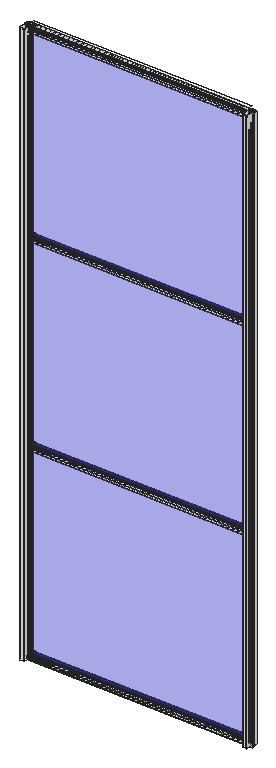
Revit family "Facade_60_Curtain_Wall_S13_Standard", category Windows, host Wall, Revit 2014 (continued)
Definition of nested family "F60 Horizontal Profile Middle_S13_Std"
  Forms (mm)
    Extrusion 4, solid, material <- "Profile Material"
      sketch origin (0, 0, 0) x (0, 1, 0) y (0, 0, 1)
        loop
          arc (-42.8, 35.551) -> (-43.034, 34.985) -> (-43.6, 34.751) r 0.8
          line (-43.6, 34.751) -> (-58.5, 34.751)
          arc (-58.5, 34.751) -> (-59.066, 34.516) -> (-59.3, 33.951) r 0.8
          line (-59.3, 33.951) -> (-59.3, 32.902) -> (-42.8, 32.902) -> (-42.8, 27.1) -> (-59.3, 27.1) -> (-59.3, 26.049)
          arc (-59.3, 26.049) -> (-59.066, 25.484) -> (-58.5, 25.249) r 0.8
      from 0 to 250 <- "Length"
    Extrusion 5, solid, material <- "Thermal Break Material", visible <- "Single Glazing"
      sketch origin (0, 0, 0) x (0, 1, 0) y (0, 0, 1)
        loop
          arc (-63.8, 25.751) -> (-63.654, 25.397) -> (-63.3, 25.251) r 0.5
          line (-63.3, 25.251) -> (-59.8, 25.251)
          arc (-59.8, 25.251) -> (-59.446, 25.397) -> (-59.3, 25.751) r 0.5
          line (-59.3, 25.751) -> (-59.3, 27.648) -> (-49.599, 27.648) -> (-47.528, 28.651)
          arc (-47.528, 28.651) -> (-46.803, 30.001) -> (-47.528, 31.351) r 1.62
          line (-47.528, 31.351) -> (-49.599, 32.353) -> (-59.3, 32.353) -> (-59.3, 34.251)
          arc (-59.3, 34.251) -> (-59.446, 34.604) -> (-59.8, 34.751) r 0.5
          line (-59.8, 34.751) -> (-63.3, 34.751)
          arc (-63.3, 34.751) -> (-63.654, 34.604) -> (-63.8, 34.251) r 0.5
          line (-63.8, 34.251) -> (-63.8, 32.328) -> (-62.4, 31.52) -> (-62.4, 28.483) -> (-63.8, 27.673) -> (-63.8, 25.751)
        loop
          line (-59.794, 28.506) -> (-59.006, 29.294)
          arc (-59.006, 29.294) -> (-58.788, 29.618) -> (-58.713, 30.001) r 0.986
          arc (-58.713, 30.001) -> (-58.79, 30.384) -> (-59.008, 30.71) r 1.007
          line (-59.008, 30.71) -> (-59.794, 31.496) -> (-60.65, 31.496)
          arc (-60.65, 31.496) -> (-61.004, 31.349) -> (-61.15, 30.996) r 0.5
          line (-61.15, 30.996) -> (-61.15, 29.006)
          arc (-61.15, 29.006) -> (-61.004, 28.652) -> (-60.65, 28.506) r 0.5
          line (-60.65, 28.506) -> (-59.794, 28.506)
        loop
          line (-47.854, 30.898) -> (-49.415, 31.653) -> (-56.782, 31.653)
          arc (-56.782, 31.653) -> (-57.207, 31.417) -> (-57.23, 30.932) r 0.5
          arc (-57.23, 30.932) -> (-57.013, 30.001) -> (-57.23, 29.07) r 2.099
          arc (-57.23, 29.07) -> (-57.207, 28.584) -> (-56.782, 28.348) r 0.5
          line (-56.782, 28.348) -> (-49.415, 28.348) -> (-48.055, 29.007)
          arc (-48.055, 29.007) -> (-47.35, 29.888) -> (-47.854, 30.898) r 1.047
      from 0 to 250 <- "Length"
    Extrusion 6, solid, material <- "Profile Material", visible <- "Single Glazing"
      sketch origin (0, 0, 0) x (0, 1, 0) y (0, 0, 1)
        loop
          line (-63.8, 52.694) -> (-64.8, 52.694) -> (-64.8, 51.544) -> (-66.05, 51.544) -> (-66.05, 57.044) -> (-64.8, 57.044) -> (-64.8, 55.894) -> (-63.8, 55.894) -> (-63.8, 58.294)
          arc (-63.8, 58.294) -> (-64.082, 58.803) -> (-64.664, 58.835) r 0.6
          line (-64.664, 58.835) -> (-66.562, 57.91) -> (-67.088, 58.988) -> (-68.05, 58.519) -> (-68.05, 48.513)
          arc (-68.05, 48.513) -> (-67.874, 48.089) -> (-67.45, 47.913) r 0.6
          line (-67.45, 47.913) -> (-66.6, 47.913) -> (-66.6, 12.09) -> (-67.45, 12.09)
          arc (-67.45, 12.09) -> (-67.874, 11.914) -> (-68.05, 11.49) r 0.6
          line (-68.05, 11.49) -> (-68.05, 1.485) -> (-67.088, 1.016) -> (-66.562, 2.095) -> (-64.663, 1.169)
          arc (-64.663, 1.169) -> (-64.082, 1.2) -> (-63.8, 1.709) r 0.6
          line (-63.8, 1.709) -> (-63.8, 4.109) -> (-64.8, 4.109) -> (-64.8, 2.959) -> (-66.05, 2.959) -> (-66.05, 8.459) -> (-64.8, 8.459) -> (-64.8, 7.309) -> (-63.8, 7.309) -> (-63.8, 27.674) -> (-62.4, 28.483) -> (-62.4, 31.521) -> (-63.8, 32.329) -> (-63.8, 52.694)
      from 0 to 250 <- "Length"
    Extrusion 7, solid, material <- "Profile Material", visible <- "Single Glazing"
      sketch origin (0, 0, 0) x (0, 1, 0) y (0, 0, 1)
        loop
          line (-68.551, 3.3) -> (-76.559, 3.3) -> (-76.559, 30) -> (-76.559, 56.15)
          arc (-76.559, 56.15) -> (-75.739, 58.13) -> (-73.759, 58.95) r 2.8
          line (-73.759, 58.95) -> (-69.151, 58.95) -> (-69.151, 57.2)
          arc (-69.151, 57.2) -> (-68.987, 56.829) -> (-68.601, 56.703) r 0.5
          arc (-68.601, 56.703) -> (-68.216, 56.829) -> (-68.051, 57.2) r 0.5
          line (-68.051, 57.2) -> (-68.051, 58.517) -> (-67.089, 58.986) -> (-66.563, 57.907) -> (-63.866, 59.222)
          arc (-63.866, 59.222) -> (-64.001, 59.762) -> (-64.504, 60) r 0.65
          line (-64.504, 60) -> (-73.859, 60)
          arc (-73.859, 60) -> (-76.687, 58.828) -> (-77.859, 56) r 4
          line (-77.859, 56) -> (-77.859, 30) -> (-77.859, 2.493)
          arc (-77.859, 2.493) -> (-77.197, 0.799) -> (-75.562, 0.002) r 2.5
          arc (-75.562, 0.002) -> (-75.182, 0.132) -> (-75.021, 0.5) r 0.5
          line (-75.021, 0.5) -> (-75.021, 2) -> (-69.151, 2) -> (-69.151, 0.5)
          arc (-69.151, 0.5) -> (-69.005, 0.146) -> (-68.651, 0) r 0.5
          line (-68.651, 0) -> (-64.504, 0)
          arc (-64.504, 0) -> (-64.001, 0.238) -> (-63.866, 0.778) r 0.65
          line (-63.866, 0.778) -> (-66.563, 2.093) -> (-67.089, 1.014) -> (-68.051, 1.483) -> (-68.051, 2.8)
          arc (-68.051, 2.8) -> (-68.198, 3.154) -> (-68.551, 3.3) r 0.5
      from 0 to 250 <- "Length"
    Extrusion 8, solid, material <- "Thermal Break Material", visible <- "Double Glazing"
      sketch origin (0, 0, 0) x (0, 1, 0) y (0, 0, 1)
        loop
          line (-77.8, 27.673) -> (-77.8, 25.751)
          arc (-77.8, 25.751) -> (-77.654, 25.397) -> (-77.3, 25.251) r 0.5
          line (-77.3, 25.251) -> (-59.8, 25.251)
          arc (-59.8, 25.251) -> (-59.446, 25.397) -> (-59.3, 25.751) r 0.5
          line (-59.3, 25.751) -> (-59.3, 27.647) -> (-49.599, 27.647) -> (-47.528, 28.649)
          arc (-47.528, 28.649) -> (-46.803, 29.999) -> (-47.528, 31.349) r 1.62
          line (-47.528, 31.349) -> (-49.602, 32.353) -> (-59.3, 32.353) -> (-59.3, 34.251)
          arc (-59.3, 34.251) -> (-59.446, 34.604) -> (-59.8, 34.751) r 0.5
          line (-59.8, 34.751) -> (-77.3, 34.751)
          arc (-77.3, 34.751) -> (-77.654, 34.604) -> (-77.8, 34.251) r 0.5
          line (-77.8, 34.251) -> (-77.8, 32.327) -> (-76.4, 31.52) -> (-76.4, 28.482) -> (-77.8, 27.673)
        loop
          line (-59.006, 30.708) -> (-61.156, 32.858)
          arc (-61.156, 32.858) -> (-61.48, 33.074) -> (-61.863, 33.151) r 1
          line (-61.863, 33.151) -> (-73.8, 33.151)
          arc (-73.8, 33.151) -> (-74.507, 32.858) -> (-74.8, 32.151) r 1
          line (-74.8, 32.151) -> (-74.8, 27.851)
          arc (-74.8, 27.851) -> (-74.507, 27.144) -> (-73.8, 26.851) r 1
          line (-73.8, 26.851) -> (-61.863, 26.851)
          arc (-61.863, 26.851) -> (-61.48, 26.927) -> (-61.156, 27.144) r 1
          line (-61.156, 27.144) -> (-59.006, 29.294)
          arc (-59.006, 29.294) -> (-58.788, 29.618) -> (-58.713, 30.001) r 0.986
          arc (-58.713, 30.001) -> (-58.79, 30.383) -> (-59.006, 30.708) r 1.007
        loop
          line (-56.782, 28.347) -> (-49.415, 28.347) -> (-48.055, 29.005)
          arc (-48.055, 29.005) -> (-47.35, 29.887) -> (-47.854, 30.896) r 1.047
          line (-47.854, 30.896) -> (-49.415, 31.652) -> (-56.782, 31.652)
          arc (-56.782, 31.652) -> (-57.207, 31.416) -> (-57.23, 30.93) r 0.5
          arc (-57.23, 30.93) -> (-57.013, 29.999) -> (-57.23, 29.068) r 2.099
          arc (-57.23, 29.068) -> (-57.207, 28.583) -> (-56.782, 28.347) r 0.5
      from 0 to 250 <- "Length"
    Extrusion 9, solid, material <- "Profile Material", visible <- "Double Glazing"
      sketch origin (0, 0, 0) x (0, 1, 0) y (0, 0, 1)
        loop
          line (-77.8, 52.694) -> (-78.8, 52.694) -> (-78.8, 51.544) -> (-80.05, 51.544) -> (-80.05, 57.044) -> (-78.8, 57.044) -> (-78.8, 55.894) -> (-77.8, 55.894) -> (-77.8, 58.294)
          arc (-77.8, 58.294) -> (-78.082, 58.802) -> (-78.664, 58.834) r 0.6
          line (-78.664, 58.834) -> (-80.562, 57.909) -> (-81.088, 58.988) -> (-82.05, 58.518) -> (-82.05, 48.512)
          arc (-82.05, 48.512) -> (-81.874, 48.088) -> (-81.45, 47.912) r 0.6
          line (-81.45, 47.912) -> (-80.6, 47.912) -> (-80.6, 12.089) -> (-81.45, 12.089)
          arc (-81.45, 12.089) -> (-81.874, 11.913) -> (-82.05, 11.489) r 0.6
          line (-82.05, 11.489) -> (-82.05, 1.484) -> (-81.088, 1.015) -> (-80.562, 2.094) -> (-78.663, 1.169)
          arc (-78.663, 1.169) -> (-78.082, 1.199) -> (-77.8, 1.708) r 0.6
          line (-77.8, 1.708) -> (-77.8, 4.108) -> (-78.8, 4.108) -> (-78.8, 2.958) -> (-80.05, 2.958) -> (-80.05, 8.458) -> (-78.8, 8.458) -> (-78.8, 7.308) -> (-77.8, 7.308) -> (-77.8, 27.673) -> (-76.4, 28.482) -> (-76.4, 31.52) -> (-77.8, 32.328) -> (-77.8, 52.694)
      from 0 to 250 <- "Length"
    Extrusion 10, solid, material <- "Profile Material", visible <- "Double Glazing"
      sketch origin (0, 0, 0) x (0, 1, 0) y (0, 0, 1)
        loop
          line (-82.551, 3.3) -> (-90.558, 3.3) -> (-90.558, 30) -> (-90.558, 56.15)
          arc (-90.558, 56.15) -> (-89.738, 58.13) -> (-87.758, 58.95) r 2.8
          line (-87.758, 58.95) -> (-83.151, 58.95) -> (-83.151, 57.2)
          arc (-83.151, 57.2) -> (-82.986, 56.829) -> (-82.601, 56.703) r 0.5
          arc (-82.601, 56.703) -> (-82.215, 56.829) -> (-82.051, 57.2) r 0.5
          line (-82.051, 57.2) -> (-82.051, 58.517) -> (-81.088, 58.986) -> (-80.563, 57.907) -> (-77.866, 59.222)
          arc (-77.866, 59.222) -> (-78, 59.762) -> (-78.503, 60) r 0.65
          line (-78.503, 60) -> (-87.858, 60)
          arc (-87.858, 60) -> (-90.687, 58.828) -> (-91.858, 56) r 4
          line (-91.858, 56) -> (-91.858, 30) -> (-91.858, 2.493)
          arc (-91.858, 2.493) -> (-91.196, 0.799) -> (-89.561, 0.002) r 2.5
          arc (-89.561, 0.002) -> (-89.182, 0.132) -> (-89.021, 0.5) r 0.5
          line (-89.021, 0.5) -> (-89.021, 2) -> (-83.151, 2) -> (-83.151, 0.5)
          arc (-83.151, 0.5) -> (-83.004, 0.146) -> (-82.651, 0) r 0.5
          line (-82.651, 0) -> (-78.503, 0)
          arc (-78.503, 0) -> (-78, 0.238) -> (-77.866, 0.778) r 0.65
          line (-77.866, 0.778) -> (-80.563, 2.093) -> (-81.088, 1.014) -> (-82.051, 1.483) -> (-82.051, 2.8)
          arc (-82.051, 2.8) -> (-82.197, 3.154) -> (-82.551, 3.3) r 0.5
      from 0 to 250 <- "Length"
  Dimensions and locks
    aligned and locked: level to plane 2
Types (73, lengths in mm): name | Windload Design | Width | Vertical Profile Length | Overall Width | Overall Height | Transom Vertical Spacing | Mid Glazing Bottom Gap | Max Pane Area | Sill Length | Length Sill | Intruderprufe U Value | Intruderprufe SHGC Value | Intruderprufe LowE U Value | Intruderprufe LowE SHGC Value | Intruderprufe Insulated U Value | Intruderprufe Insulated SHGC Value | Intruderprufe Insulated LowE U Value | Intruderprufe Insulated LowE SHGC Value | Horizontal Profile Length | Glazing Width | Glazing Height | Glazing Gap SG | Glazing Gap DG | DG Thickness Calc | DG Thickness | Height | SG Thickness | Custom Curtain Wall Width | Custom Curtain Wall Height | Custom Windload
  (no name) | 2000 | 2990 | 7460 | 2990 | 7490 | 2406.667 | 2536.467 | 7.12194 m² | 2990 | 2990 | 5.75 | 0.748 | 3.98 | 0.655 | 2.88 | 0.643 | 2.17 | 0.579 | 2870 | 2910.4 | 2447.067 | 2 | 2 | 10 | 6 | 7490 | 10 | 2990 | 7490 | 2000
  F60-S13-0925-1000Pa | 1000 | 890 | 2460 | 1000 | 3000 | 740 | 869.8 | 0.632436 m² | 890 | 890 | 5.75 | 0.63 | 4.63 | 0.553 | 3.31 | 0.544 | 2.76 | 0.491 | 770 | 810.4 | 780.4 | 5 | 4 | 4 | 4 | 2490 | 4 | 890 | 2490 | 1000
  F60-S13-0925-1500Pa | 1500 | 890 | 2460 | 1000 | 3000 | 740 | 869.8 | 0.632436 m² | 890 | 890 | 5.75 | 0.63 | 4.63 | 0.553 | 3.31 | 0.544 | 2.76 | 0.491 | 770 | 810.4 | 780.4 | 5 | 4 | 4 | 4 | 2490 | 4 | 890 | 2490 | 1500
  F60-S13-0925-2000Pa | 2000 | 890 | 2460 | 1000 | 3000 | 740 | 869.8 | 0.632436 m² | 890 | 890 | 5.75 | 0.63 | 4.63 | 0.553 | 3.31 | 0.544 | 2.76 | 0.491 | 770 | 810.4 | 780.4 | 5 | 4 | 4 | 4 | 2490 | 4 | 890 | 2490 | 2000
  F60-S13-1225-1000Pa | 1000 | 1190 | 2460 | 1000 | 3000 | 740 | 869.8 | 0.866556 m² | 1190 | 1190 | 5.76 | 0.653 | 4.52 | 0.573 | 3.23 | 0.564 | 2.65 | 0.508 | 1070 | 1110.4 | 780.4 | 5 | 4 | 4 | 4 | 2490 | 4 | 1190 | 2490 | 1000
  F60-S13-1225-1500Pa | 1500 | 1190 | 2460 | 1000 | 3000 | 740 | 869.8 | 0.866556 m² | 1190 | 1190 | 5.76 | 0.653 | 4.52 | 0.573 | 3.23 | 0.564 | 2.65 | 0.508 | 1070 | 1110.4 | 780.4 | 5 | 4 | 4 | 4 | 2490 | 4 | 1190 | 2490 | 1500
  F60-S13-1225-2000Pa | 2000 | 1190 | 2460 | 1000 | 3000 | 740 | 869.8 | 0.866556 m² | 1190 | 1190 | 5.76 | 0.653 | 4.52 | 0.573 | 3.23 | 0.564 | 2.65 | 0.508 | 1070 | 1110.4 | 780.4 | 5 | 4 | 4 | 4 | 2490 | 4 | 1190 | 2490 | 2000
  F60-S13-1525-1000Pa | 1000 | 1490 | 2460 | 1000 | 3000 | 740 | 869.8 | 1.10068 m² | 1490 | 1490 | 5.76 | 0.667 | 4.46 | 0.585 | 3.18 | 0.575 | 2.58 | 0.519 | 1370 | 1410.4 | 780.4 | 5 | 4 | 4 | 4 | 2490 | 4 | 1490 | 2490 | 1000
  F60-S13-1525-1500Pa | 1500 | 1490 | 2460 | 1000 | 3000 | 740 | 869.8 | 1.10068 m² | 1490 | 1490 | 5.76 | 0.667 | 4.46 | 0.585 | 3.18 | 0.575 | 2.58 | 0.519 | 1370 | 1410.4 | 780.4 | 5 | 4 | 4 | 4 | 2490 | 4 | 1490 | 2490 | 1500
  F60-S13-1525-2000Pa | 2000 | 1490 | 2460 | 1000 | 3000 | 740 | 869.8 | 1.10068 m² | 1490 | 1490 | 5.76 | 0.667 | 4.46 | 0.585 | 3.18 | 0.575 | 2.58 | 0.519 | 1370 | 1410.4 | 780.4 | 5 | 4 | 4 | 4 | 2490 | 4 | 1490 | 2490 | 2000
  F60-S13-1825-1000Pa | 1000 | 1790 | 2460 | 1000 | 3000 | 740 | 869.8 | 1.3348 m² | 1790 | 1790 | 5.77 | 0.676 | 4.42 | 0.593 | 3.15 | 0.583 | 2.54 | 0.526 | 1670 | 1710.4 | 780.4 | 5 | 4 | 4 | 4 | 2490 | 4 | 1790 | 2490 | 1000
  F60-S13-1825-1500Pa | 1500 | 1790 | 2460 | 1000 | 3000 | 740 | 869.8 | 1.3348 m² | 1790 | 1790 | 5.77 | 0.676 | 4.42 | 0.593 | 3.15 | 0.583 | 2.54 | 0.526 | 1670 | 1710.4 | 780.4 | 5 | 4 | 4 | 4 | 2490 | 4 | 1790 | 2490 | 1500
  F60-S13-1825-2000Pa | 2000 | 1790 | 2460 | 1000 | 3000 | 740 | 869.8 | 1.3348 m² | 1790 | 1790 | 5.77 | 0.676 | 4.42 | 0.593 | 3.15 | 0.583 | 2.54 | 0.526 | 1670 | 1710.4 | 780.4 | 5 | 4 | 4 | 4 | 2490 | 4 | 1790 | 2490 | 2000
  F60-S13-2125-1000Pa | 1000 | 2090 | 2460 | 1000 | 3000 | 740 | 869.8 | 1.56892 m² | 2090 | 2090 | 5.77 | 0.683 | 4.39 | 0.598 | 3.12 | 0.588 | 2.5 | 0.531 | 1970 | 2010.4 | 780.4 | 4.5 | 4 | 4 | 4 | 2490 | 5 | 2090 | 2490 | 1000
  F60-S13-2125-1500Pa | 1500 | 2090 | 2460 | 1000 | 3000 | 740 | 869.8 | 1.56892 m² | 2090 | 2090 | 5.77 | 0.683 | 4.39 | 0.598 | 3.12 | 0.588 | 2.5 | 0.531 | 1970 | 2010.4 | 780.4 | 4.5 | 4 | 4 | 4 | 2490 | 5 | 2090 | 2490 | 1500
  F60-S13-2125-2000Pa | 2000 | 2090 | 2460 | 1000 | 3000 | 740 | 869.8 | 1.56892 m² | 2090 | 2090 | 5.77 | 0.683 | 4.39 | 0.598 | 3.12 | 0.588 | 2.5 | 0.531 | 1970 | 2010.4 | 780.4 | 4.5 | 4 | 4 | 4 | 2490 | 5 | 2090 | 2490 | 2000
  F60-S13-2425-1000Pa | 1000 | 2390 | 2460 | 1000 | 3000 | 740 | 869.8 | 1.80304 m² | 2390 | 2390 | 5.77 | 0.688 | 4.37 | 0.603 | 3.11 | 0.593 | 2.48 | 0.534 | 2270 | 2310.4 | 780.4 | 4.5 | 4 | 4 | 4 | 2490 | 5 | 2390 | 2490 | 1000
  F60-S13-2425-1500Pa | 1500 | 2390 | 2460 | 1000 | 3000 | 740 | 869.8 | 1.80304 m² | 2390 | 2390 | 5.77 | 0.688 | 4.37 | 0.603 | 3.11 | 0.593 | 2.48 | 0.534 | 2270 | 2310.4 | 780.4 | 4.5 | 4 | 4 | 4 | 2490 | 5 | 2390 | 2490 | 1500
  F60-S13-2425-2000Pa | 2000 | 2390 | 2460 | 1000 | 3000 | 740 | 869.8 | 1.80304 m² | 2390 | 2390 | 5.77 | 0.688 | 4.37 | 0.603 | 3.11 | 0.593 | 2.48 | 0.534 | 2270 | 2310.4 | 780.4 | 4.5 | 4 | 4 | 4 | 2490 | 5 | 2390 | 2490 | 2000
  F60-S13-2725-1000Pa | 1000 | 2690 | 2460 | 1000 | 3000 | 740 | 869.8 | 2.03716 m² | 2690 | 2690 | 5.77 | 0.692 | 4.36 | 0.606 | 3.09 | 0.596 | 2.46 | 0.537 | 2570 | 2610.4 | 780.4 | 4.5 | 4 | 4 | 4 | 2490 | 5 | 2690 | 2490 | 1000
  F60-S13-2725-1500Pa | 1500 | 2690 | 2460 | 1000 | 3000 | 740 | 869.8 | 2.03716 m² | 2690 | 2690 | 5.77 | 0.692 | 4.36 | 0.606 | 3.09 | 0.596 | 2.46 | 0.537 | 2570 | 2610.4 | 780.4 | 4.5 | 4 | 4 | 4 | 2490 | 5 | 2690 | 2490 | 1500
  F60-S13-2725-2000Pa | 2000 | 2690 | 2460 | 1000 | 3000 | 740 | 869.8 | 2.03716 m² | 2690 | 2690 | 5.77 | 0.692 | 4.36 | 0.606 | 3.09 | 0.596 | 2.46 | 0.537 | 2570 | 2610.4 | 780.4 | 4.5 | 4 | 4 | 4 | 2490 | 5 | 2690 | 2490 | 2000
  F60-S13-3025-1000Pa | 1000 | 2990 | 2460 | 1000 | 3000 | 740 | 869.8 | 2.27128 m² | 2990 | 2990 | 5.77 | 0.695 | 4.34 | 0.609 | 3.08 | 0.598 | 2.45 | 0.539 | 2870 | 2910.4 | 780.4 | 3.8 | 3 | 5 | 5 | 2490 | 6.4 | 2990 | 2490 | 1000
  F60-S13-3025-1500Pa | 1500 | 2990 | 2460 | 1000 | 3000 | 740 | 869.8 | 2.27128 m² | 2990 | 2990 | 5.77 | 0.695 | 4.34 | 0.609 | 3.08 | 0.598 | 2.45 | 0.539 | 2870 | 2910.4 | 780.4 | 3.8 | 3 | 5 | 5 | 2490 | 6.4 | 2990 | 2490 | 1500
  F60-S13-3025-2000Pa | 2000 | 2990 | 2460 | 2990 | 2490 | 740 | 869.8 | 2.27128 m² | 2990 | 2990 | 5.77 | 0.695 | 4.34 | 0.609 | 3.08 | 0.598 | 2.45 | 0.539 | 2870 | 2910.4 | 780.4 | 3.8 | 3 | 5 | 5 | 2490 | 6.4 | 2990 | 2490 | 2000
  F60-S13-0950-1000Pa | 1000 | 890 | 4960 | 2990 | 2490 | 1573.333 | 1703.133 | 1.30777 m² | 890 | 890 | 5.73 | 0.666 | 4.4 | 0.584 | 3.18 | 0.574 | 2.58 | 0.518 | 770 | 810.4 | 1613.733 | 5 | 4 | 4 | 4 | 4990 | 4 | 890 | 4990 | 1000
  F60-S13-0950-1500Pa | 1500 | 890 | 4960 | 2990 | 2490 | 1573.333 | 1703.133 | 1.30777 m² | 890 | 890 | 5.73 | 0.666 | 4.4 | 0.584 | 3.18 | 0.574 | 2.58 | 0.518 | 770 | 810.4 | 1613.733 | 5 | 4 | 4 | 4 | 4990 | 4 | 890 | 4990 | 1500
  F60-S13-0950-2000Pa | 2000 | 890 | 4960 | 2990 | 2490 | 1573.333 | 1703.133 | 1.30777 m² | 890 | 890 | 5.73 | 0.666 | 4.4 | 0.584 | 3.18 | 0.574 | 2.58 | 0.518 | 770 | 810.4 | 1613.733 | 5 | 4 | 4 | 4 | 4990 | 4 | 890 | 4990 | 2000
  F60-S13-1250-1000Pa | 1000 | 1190 | 4960 | 2990 | 2490 | 1573.333 | 1703.133 | 1.79189 m² | 1190 | 1190 | 5.74 | 0.691 | 4.28 | 0.605 | 3.09 | 0.595 | 2.46 | 0.536 | 1070 | 1110.4 | 1613.733 | 4.5 | 4 | 4 | 4 | 4990 | 5 | 1190 | 4990 | 1000
  F60-S13-1250-1500Pa | 1500 | 1190 | 4960 | 2990 | 2490 | 1573.333 | 1703.133 | 1.79189 m² | 1190 | 1190 | 5.74 | 0.691 | 4.28 | 0.605 | 3.09 | 0.595 | 2.46 | 0.536 | 1070 | 1110.4 | 1613.733 | 4.5 | 4 | 4 | 4 | 4990 | 5 | 1190 | 4990 | 1500
  F60-S13-1250-2000Pa | 2000 | 1190 | 4960 | 2990 | 2490 | 1573.333 | 1703.133 | 1.79189 m² | 1190 | 1190 | 5.74 | 0.691 | 4.28 | 0.605 | 3.09 | 0.595 | 2.46 | 0.536 | 1070 | 1110.4 | 1613.733 | 4.5 | 4 | 4 | 4 | 4990 | 5 | 1190 | 4990 | 2000
  F60-S13-1550-1000Pa | 1000 | 1490 | 4960 | 2990 | 2490 | 1573.333 | 1703.133 | 2.27601 m² | 1490 | 1490 | 5.75 | 0.706 | 4.21 | 0.618 | 3.04 | 0.607 | 2.38 | 0.547 | 1370 | 1410.4 | 1613.733 | 3.8 | 3 | 5 | 5 | 4990 | 6.4 | 1490 | 4990 | 1000
  F60-S13-1550-1500Pa | 1500 | 1490 | 4960 | 2990 | 2490 | 1573.333 | 1703.133 | 2.27601 m² | 1490 | 1490 | 5.75 | 0.706 | 4.21 | 0.618 | 3.04 | 0.607 | 2.38 | 0.547 | 1370 | 1410.4 | 1613.733 | 3.8 | 3 | 5 | 5 | 4990 | 6.4 | 1490 | 4990 | 1500
  F60-S13-1550-2000Pa | 2000 | 1490 | 4960 | 2990 | 2490 | 1573.333 | 1703.133 | 2.27601 m² | 1490 | 1490 | 5.75 | 0.706 | 4.21 | 0.618 | 3.04 | 0.607 | 2.38 | 0.547 | 1370 | 1410.4 | 1613.733 | 3.8 | 3 | 5 | 5 | 4990 | 6.4 | 1490 | 4990 | 2000
  F60-S13-1850-1000Pa | 1000 | 1790 | 4960 | 2990 | 2490 | 1573.333 | 1703.133 | 2.76013 m² | 1790 | 1790 | 5.75 | 0.706 | 4.21 | 0.618 | 3.04 | 0.607 | 2.38 | 0.547 | 1670 | 1710.4 | 1613.733 | 3.8 | 3 | 5 | 5 | 4990 | 6.4 | 1790 | 4990 | 1000
  F60-S13-1850-1500Pa | 1500 | 1790 | 4960 | 2990 | 2490 | 1573.333 | 1703.133 | 2.76013 m² | 1790 | 1790 | 5.75 | 0.706 | 4.21 | 0.618 | 3.04 | 0.607 | 2.38 | 0.547 | 1670 | 1710.4 | 1613.733 | 3.8 | 3 | 5 | 5 | 4990 | 6.4 | 1790 | 4990 | 1500
  F60-S13-1850-2000Pa | 2000 | 1790 | 4960 | 2990 | 2490 | 1573.333 | 1703.133 | 2.76013 m² | 1790 | 1790 | 5.75 | 0.706 | 4.21 | 0.618 | 3.04 | 0.607 | 2.38 | 0.547 | 1670 | 1710.4 | 1613.733 | 3.8 | 3 | 5 | 5 | 4990 | 6.4 | 1790 | 4990 | 2000
  F60-S13-2150-1000Pa | 1000 | 2090 | 4960 | 2990 | 2490 | 1573.333 | 1703.133 | 3.24425 m² | 2090 | 2090 | 5.75 | 0.722 | 4.13 | 0.633 | 2.98 | 0.621 | 2.3 | 0.56 | 1970 | 2010.4 | 1613.733 | 3 | 2 | 6 | 6 | 4990 | 8 | 2090 | 4990 | 1000
  F60-S13-2150-1500Pa | 1500 | 2090 | 4960 | 2990 | 2490 | 1573.333 | 1703.133 | 3.24425 m² | 2090 | 2090 | 5.75 | 0.722 | 4.13 | 0.633 | 2.98 | 0.621 | 2.3 | 0.56 | 1970 | 2010.4 | 1613.733 | 3 | 2 | 6 | 6 | 4990 | 8 | 2090 | 4990 | 1500
  F60-S13-2150-2000Pa | 2000 | 2090 | 4960 | 2990 | 2490 | 1573.333 | 1703.133 | 3.24425 m² | 2090 | 2090 | 5.75 | 0.722 | 4.13 | 0.633 | 2.98 | 0.621 | 2.3 | 0.56 | 1970 | 2010.4 | 1613.733 | 3 | 2 | 6 | 6 | 4990 | 8 | 2090 | 4990 | 2000
  F60-S13-2450-1000Pa | 1000 | 2390 | 4960 | 2990 | 2490 | 1573.333 | 1703.133 | 3.72837 m² | 2390 | 2390 | 5.75 | 0.728 | 4.1 | 0.637 | 2.96 | 0.626 | 2.29 | 0.564 | 2270 | 2310.4 | 1613.733 | 3 | 2 | 6 | 6 | 4990 | 8 | 2390 | 4990 | 1000
  F60-S13-2450-1500Pa | 1500 | 2390 | 4960 | 2990 | 2490 | 1573.333 | 1703.133 | 3.72837 m² | 2390 | 2390 | 5.75 | 0.728 | 4.1 | 0.637 | 2.96 | 0.626 | 2.29 | 0.564 | 2270 | 2310.4 | 1613.733 | 3 | 2 | 6 | 6 | 4990 | 8 | 2390 | 4990 | 1500
  F60-S13-2450-2000Pa | 2000 | 2390 | 4960 | 2990 | 2490 | 1573.333 | 1703.133 | 3.72837 m² | 2390 | 2390 | 5.75 | 0.728 | 4.1 | 0.637 | 2.96 | 0.626 | 2.29 | 0.564 | 2270 | 2310.4 | 1613.733 | 3 | 2 | 6 | 6 | 4990 | 8 | 2390 | 4990 | 2000
  F60-S13-2750-1000Pa | 1000 | 2690 | 4960 | 2990 | 2490 | 1573.333 | 1703.133 | 4.21249 m² | 2690 | 2690 | 5.75 | 0.732 | 4.08 | 0.641 | 2.94 | 0.629 | 2.26 | 0.567 | 2570 | 2610.4 | 1613.733 | 3 | 2 | 6 | 6 | 4990 | 8 | 2690 | 4990 | 1000
  F60-S13-2750-1500Pa | 1500 | 2690 | 4960 | 2990 | 2490 | 1573.333 | 1703.133 | 4.21249 m² | 2690 | 2690 | 5.75 | 0.732 | 4.08 | 0.641 | 2.94 | 0.629 | 2.26 | 0.567 | 2570 | 2610.4 | 1613.733 | 3 | 2 | 6 | 6 | 4990 | 8 | 2690 | 4990 | 1500
  F60-S13-2750-2000Pa | 2000 | 2690 | 4960 | 2990 | 2490 | 1573.333 | 1703.133 | 4.21249 m² | 2690 | 2690 | 5.75 | 0.732 | 4.08 | 0.641 | 2.94 | 0.629 | 2.26 | 0.567 | 2570 | 2610.4 | 1613.733 | 3 | 2 | 6 | 6 | 4990 | 8 | 2690 | 4990 | 2000
  F60-S13-3050-1000Pa | 1000 | 2990 | 4960 | 2990 | 2490 | 1573.333 | 1703.133 | 4.69661 m² | 2990 | 2990 | 5.76 | 0.735 | 4.07 | 0.644 | 2.93 | 0.632 | 2.24 | 0.569 | 2870 | 2910.4 | 1613.733 | 2 | 2 | 8 | 6 | 4990 | 10 | 2990 | 4990 | 1000
  F60-S13-3050-1500Pa | 1500 | 2990 | 4960 | 2990 | 2490 | 1573.333 | 1703.133 | 4.69661 m² | 2990 | 2990 | 5.76 | 0.735 | 4.07 | 0.644 | 2.93 | 0.632 | 2.24 | 0.569 | 2870 | 2910.4 | 1613.733 | 2 | 2 | 8 | 6 | 4990 | 10 | 2990 | 4990 | 1500
  F60-S13-3050-2000Pa | 2000 | 2990 | 4960 | 2990 | 2490 | 1573.333 | 1703.133 | 4.69661 m² | 2990 | 2990 | 5.76 | 0.735 | 4.07 | 0.644 | 2.93 | 0.632 | 2.24 | 0.569 | 2870 | 2910.4 | 1613.733 | 2 | 2 | 8 | 6 | 4990 | 10 | 2990 | 4990 | 2000
  F60-S13-0975-1000Pa | 1000 | 890 | 7460 | 2990 | 2490 | 2406.667 | 2536.467 | 1.9831 m² | 890 | 890 | 5.72 | 0.678 | 4.33 | 0.594 | 3.13 | 0.585 | 2.52 | 0.527 | 770 | 810.4 | 2447.067 | 4.5 | 4 | 4 | 4 | 7490 | 5 | 890 | 7490 | 1000
  F60-S13-0975-1500Pa | 1500 | 890 | 7460 | 2990 | 2490 | 2406.667 | 2536.467 | 1.9831 m² | 890 | 890 | 5.72 | 0.678 | 4.33 | 0.594 | 3.13 | 0.585 | 2.52 | 0.527 | 770 | 810.4 | 2447.067 | 4.5 | 4 | 4 | 4 | 7490 | 5 | 890 | 7490 | 1500
  F60-S13-0975-2000Pa | 2000 | 890 | 7460 | 2990 | 2490 | 2406.667 | 2536.467 | 1.9831 m² | 890 | 890 | 5.72 | 0.678 | 4.33 | 0.594 | 3.13 | 0.585 | 2.52 | 0.527 | 770 | 810.4 | 2447.067 | 4.5 | 4 | 4 | 4 | 7490 | 5 | 890 | 7490 | 2000
  F60-S13-1275-1000Pa | 1000 | 1190 | 7460 | 2990 | 2490 | 2406.667 | 2536.467 | 2.71722 m² | 1190 | 1190 | 5.73 | 0.703 | 4.2 | 0.616 | 3.04 | 0.606 | 2.39 | 0.546 | 1070 | 1110.4 | 2447.067 | 3.8 | 3 | 5 | 5 | 7490 | 6.4 | 1190 | 7490 | 1000
  F60-S13-1275-1500Pa | 1500 | 1190 | 7460 | 2990 | 2490 | 2406.667 | 2536.467 | 2.71722 m² | 1190 | 1190 | 5.73 | 0.703 | 4.2 | 0.616 | 3.04 | 0.606 | 2.39 | 0.546 | 1070 | 1110.4 | 2447.067 | 3.8 | 3 | 5 | 5 | 7490 | 6.4 | 1190 | 7490 | 1500
  F60-S13-1275-2000Pa | 2000 | 1190 | 7460 | 2990 | 2490 | 2406.667 | 2536.467 | 2.71722 m² | 1190 | 1190 | 5.73 | 0.703 | 4.2 | 0.616 | 3.04 | 0.606 | 2.39 | 0.546 | 1070 | 1110.4 | 2447.067 | 3.8 | 3 | 5 | 5 | 7490 | 6.4 | 1190 | 7490 | 2000
  F60-S13-1575-1000Pa | 1000 | 1490 | 7460 | 2990 | 2490 | 2406.667 | 2536.467 | 3.45134 m² | 1490 | 1490 | 5.74 | 0.718 | 4.13 | 0.629 | 2.99 | 0.618 | 2.32 | 0.557 | 1370 | 1410.4 | 2447.067 | 3 | 2 | 6 | 6 | 7490 | 8 | 1490 | 7490 | 1000
  F60-S13-1575-1500Pa | 1500 | 1490 | 7460 | 2990 | 2490 | 2406.667 | 2536.467 | 3.45134 m² | 1490 | 1490 | 5.74 | 0.718 | 4.13 | 0.629 | 2.99 | 0.618 | 2.32 | 0.557 | 1370 | 1410.4 | 2447.067 | 3 | 2 | 6 | 6 | 7490 | 8 | 1490 | 7490 | 1500
  F60-S13-1575-2000Pa | 2000 | 1490 | 7460 | 2990 | 2490 | 2406.667 | 2536.467 | 3.45134 m² | 1490 | 1490 | 5.74 | 0.718 | 4.13 | 0.629 | 2.99 | 0.618 | 2.32 | 0.557 | 1370 | 1410.4 | 2447.067 | 3 | 2 | 6 | 6 | 7490 | 8 | 1490 | 7490 | 2000
  F60-S13-1875-1000Pa | 1000 | 1790 | 7460 | 2990 | 2490 | 2406.667 | 2536.467 | 4.18546 m² | 1790 | 1790 | 5.74 | 0.728 | 4.08 | 0.638 | 2.95 | 0.626 | 2.27 | 0.564 | 1670 | 1710.4 | 2447.067 | 3 | 2 | 6 | 6 | 7490 | 8 | 1790 | 7490 | 1000
  F60-S13-1875-1500Pa | 1500 | 1790 | 7460 | 2990 | 2490 | 2406.667 | 2536.467 | 4.18546 m² | 1790 | 1790 | 5.74 | 0.728 | 4.08 | 0.638 | 2.95 | 0.626 | 2.27 | 0.564 | 1670 | 1710.4 | 2447.067 | 3 | 2 | 6 | 6 | 7490 | 8 | 1790 | 7490 | 1500
  F60-S13-1875-2000Pa | 2000 | 1790 | 7460 | 2990 | 2490 | 2406.667 | 2536.467 | 4.18546 m² | 1790 | 1790 | 5.74 | 0.728 | 4.08 | 0.638 | 2.95 | 0.626 | 2.27 | 0.564 | 1670 | 1710.4 | 2447.067 | 3 | 2 | 6 | 6 | 7490 | 8 | 1790 | 7490 | 2000
  F60-S13-2175-1000Pa | 1000 | 2090 | 7460 | 2990 | 2490 | 2406.667 | 2536.467 | 4.91958 m² | 2090 | 2090 | 5.74 | 0.736 | 4.04 | 0.644 | 2.93 | 0.632 | 2.23 | 0.57 | 1970 | 2010.4 | 2447.067 | 2 | 2 | 8 | 6 | 7490 | 10 | 2090 | 7490 | 1000
  F60-S13-2175-1500Pa | 1500 | 2090 | 7460 | 2990 | 2490 | 2406.667 | 2536.467 | 4.91958 m² | 2090 | 2090 | 5.74 | 0.736 | 4.04 | 0.644 | 2.93 | 0.632 | 2.23 | 0.57 | 1970 | 2010.4 | 2447.067 | 2 | 2 | 8 | 6 | 7490 | 10 | 2090 | 7490 | 1500
  F60-S13-2175-2000Pa | 2000 | 2090 | 7460 | 2990 | 2490 | 2406.667 | 2536.467 | 4.91958 m² | 2090 | 2090 | 5.74 | 0.736 | 4.04 | 0.644 | 2.93 | 0.632 | 2.23 | 0.57 | 1970 | 2010.4 | 2447.067 | 2 | 2 | 8 | 6 | 7490 | 10 | 2090 | 7490 | 2000
  F60-S13-2475-1000Pa | 1000 | 2390 | 7460 | 2990 | 2490 | 2406.667 | 2536.467 | 5.6537 m² | 2390 | 2390 | 5.75 | 0.741 | 4.01 | 0.649 | 2.91 | 0.637 | 2.21 | 0.574 | 2270 | 2310.4 | 2447.067 | 2 | 2 | 8 | 6 | 7490 | 10 | 2390 | 7490 | 1000
  F60-S13-2475-1500Pa | 1500 | 2390 | 7460 | 2990 | 2490 | 2406.667 | 2536.467 | 5.6537 m² | 2390 | 2390 | 5.75 | 0.741 | 4.01 | 0.649 | 2.91 | 0.637 | 2.21 | 0.574 | 2270 | 2310.4 | 2447.067 | 2 | 2 | 8 | 6 | 7490 | 10 | 2390 | 7490 | 1500
  F60-S13-2475-2000Pa | 2000 | 2390 | 7460 | 2990 | 2490 | 2406.667 | 2536.467 | 5.6537 m² | 2390 | 2390 | 5.75 | 0.741 | 4.01 | 0.649 | 2.91 | 0.637 | 2.21 | 0.574 | 2270 | 2310.4 | 2447.067 | 2 | 2 | 8 | 6 | 7490 | 10 | 2390 | 7490 | 2000
  F60-S13-2775-1000Pa | 1000 | 2690 | 7460 | 2990 | 2490 | 2406.667 | 2536.467 | 6.38782 m² | 2690 | 2690 | 5.75 | 0.745 | 3.99 | 0.652 | 2.89 | 0.64 | 2.19 | 0.577 | 2570 | 2610.4 | 2447.067 | 2 | 2 | 8 | 6 | 7490 | 10 | 2690 | 7490 | 1000
  F60-S13-2775-1500Pa | 1500 | 2690 | 7460 | 2990 | 2490 | 2406.667 | 2536.467 | 6.38782 m² | 2690 | 2690 | 5.75 | 0.745 | 3.99 | 0.652 | 2.89 | 0.64 | 2.19 | 0.577 | 2570 | 2610.4 | 2447.067 | 2 | 2 | 8 | 6 | 7490 | 10 | 2690 | 7490 | 1500
  F60-S13-2775-2000Pa | 2000 | 2690 | 7460 | 2990 | 2490 | 2406.667 | 2536.467 | 6.38782 m² | 2690 | 2690 | 5.75 | 0.745 | 3.99 | 0.652 | 2.89 | 0.64 | 2.19 | 0.577 | 2570 | 2610.4 | 2447.067 | 2 | 2 | 8 | 6 | 7490 | 10 | 2690 | 7490 | 2000
  F60-S13-3075-1000Pa | 1000 | 2990 | 7460 | 2990 | 2490 | 2406.667 | 2536.467 | 7.12194 m² | 2990 | 2990 | 5.75 | 0.748 | 3.98 | 0.655 | 2.88 | 0.643 | 2.17 | 0.579 | 2870 | 2910.4 | 2447.067 | 2 | 2 | 10 | 6 | 7490 | 10 | 2990 | 7490 | 1000
  F60-S13-3075-1500Pa | 1500 | 2990 | 7460 | 2990 | 2490 | 2406.667 | 2536.467 | 7.12194 m² | 2990 | 2990 | 5.75 | 0.748 | 3.98 | 0.655 | 2.88 | 0.643 | 2.17 | 0.579 | 2870 | 2910.4 | 2447.067 | 2 | 2 | 10 | 6 | 7490 | 10 | 2990 | 7490 | 1500
  F60-S13-3075-2000Pa | 2000 | 2990 | 7460 | 2990 | 7490 | 2406.667 | 2536.467 | 7.12194 m² | 2990 | 2990 | 5.75 | 0.748 | 3.98 | 0.655 | 2.88 | 0.643 | 2.17 | 0.579 | 2870 | 2910.4 | 2447.067 | 2 | 2 | 10 | 6 | 7490 | 10 | 2990 | 7490 | 2000
